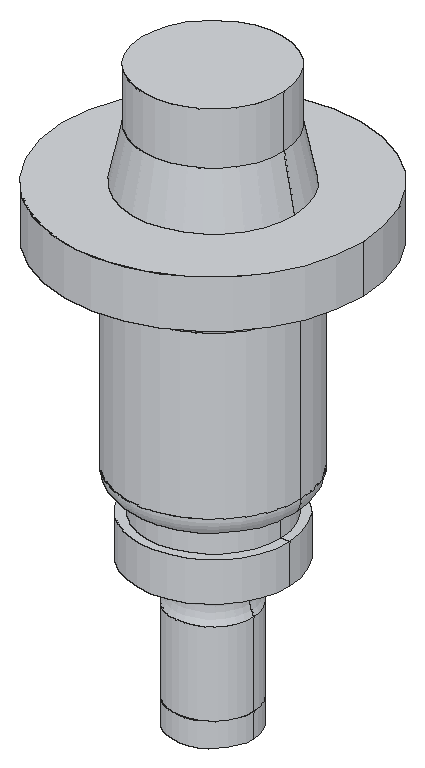
Revit family
Parameters (values of type "Prime Perfect Trap Primer 695-01")
  URL = "www.siouxchief.com"
  Model = "Prime Perfect Trap Primer 695-01"
  Manufacturer = "Sioux Chief Manufacturing"
  Description = "Trap Primer"
  Assembly Code = ""
Reference planes (in)
  plane 1 "Center (Front/Back)": y = 0
  plane 2: z = 0
  plane 3 "Center (Left/Right)": x = 0
  plane 4: z = 5.4171
  plane 5: z = 4.932
  plane 6: z = 4.447
  plane 7: z = 4
  plane 8: z = 3.6637
  plane 9: z = 2.13
  plane 10: z = 0.22224
Forms (in)
  Extrusion 1, solid
    sketch origin (0, 0, 4.932) x (1, 0, 0) y (0, 1, 0)
      loop
        circle (0, 0) r 0.65
    from 0 to 0.4851
  Blend 2, solid
    base sketch origin (1.83385, -180, 4.932) x (0, -1, 0) y (1, 0, 0)
      loop
        circle (-180, -1.83385) r 0.754
    top sketch origin (1.83385, -180, 4.932) x (0, -1, 0) y (1, 0, 0)
      loop
        circle (-180, -1.83385) r 0.65
    from -0.485 to 0
  Extrusion 3, solid
    sketch origin (1.94629, -180, 4.447) x (0, -1, 0) y (-1, 0, 0)
      loop
        circle (-180, 1.94629) r 1.3855
    from 0 to 0.447
  Blend 4, solid
    base sketch origin (1.3855, -180, 4) x (0, -1, 0) y (1, 0, 0)
      loop
        circle (-180, -1.3855) r 0.925
    top sketch origin (1.3855, -180, 4) x (0, -1, 0) y (1, 0, 0)
      loop
        circle (-180, -1.3855) r 0.8125
    from 0 to -0.3363
  Extrusion 5, solid
    sketch origin (2.00869, -180, 3.6637) x (0, -1, 0) y (-1, 0, 0)
      loop
        circle (-180, 2.00869) r 0.8125
    from 0 to 1.5337
  Revolve 6, solid
    sketch origin (0, 0, -2.85573) x (1, 0, 0) y (0, 0, 1)
      loop
        line (0, 4.98842) -> (0, 3.08189) -> (0.375, 3.08189) -> (0.375, 3.85573)
        arc (0.375, 3.85573) -> (0.34308, 3.98073) -> (0.375, 4.10573) r 0.26071
        line (0.375, 4.10573) -> (0.375, 4.22923) -> (0.7078, 4.22923) -> (0.7078, 4.59573) -> (0.6225, 4.59573) -> (0.6225, 4.79573)
        arc (0.6225, 4.79573) -> (0.7578, 4.85233) -> (0.81248, 4.98842) r 0.19
        line (0.81248, 4.98842) -> (0, 4.98842)
      axis (0, 4.98842) -> (0, 3.08189)
    angle from 0 to 360
  Extrusion 7, solid
    sketch origin (5.37616, -180, 0.22224) x (0, -1, 0) y (-1, 0, 0)
      loop
        circle (-180, 5.37616) r 0.375
    from 0 to 0.22224
Dimensions and locks (in)
  plane 5 to plane 6 = 0.485"
  plane 7 to plane 8 = 0.3363"
  locked: plane 4 to plane 5 at 0.4851
  locked: plane 5 to plane 6 at 0.485
  locked: plane 6 to plane 7 at 0.447
  locked: plane 7 to plane 8 at 0.3363
  locked: plane 8 to plane 9 at 1.5337
  locked: Extrusion 5 to Revolve 6 at 1.90384
  radius of Extrusion 1 sketch curve = 0.65"
  aligned and locked: plane 2 to level
  aligned and locked: Extrusion 1 to plane 4
  aligned and locked: plane 5 to Extrusion 1
  aligned and locked: Blend 2 to Extrusion 1
  aligned and locked: plane 6 to Blend 2
  aligned and locked: Extrusion 3 to Blend 2
  aligned and locked: plane 8 to Blend 4
  aligned and locked: plane 9 to Extrusion 5
  aligned and locked: Extrusion 7 to level
Connectors (in)
  piping at (0, 0, 5.4171)
    settings: on Extrusion 1, index 1, connector radius 1/4", flow factor 0, pipe flow 0 GPM, pressure drop 0.00 psi, fitting loss kfactor 0, connector angle 0.00°, fixture units 0, flow configuration 0, flow direction 0, fitting loss method 0, system type 16, connector reference index -1, connector utility 0, adjustable connector no, is connector primary yes, fitting loss table "", connector description "1/2\" FIP"
  piping at (0, 0, 0)
    settings: on Extrusion 7, index 2, connector radius 1/4", flow factor 0, pipe flow 0 GPM, pressure drop 0.00 psi, fitting loss kfactor 0, connector angle 0.00°, fixture units 0, flow configuration 0, flow direction 0, fitting loss method 0, system type 16, connector reference index -1, connector utility 0, adjustable connector no, is connector primary no, fitting loss table "", connector description "1/2\" MIP"
